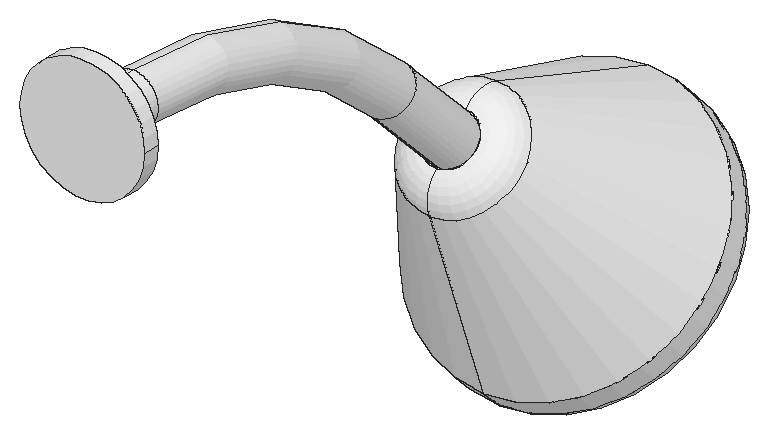
Revit family "ducha fmly", category Plumbing Fixtures, Revit 2016
Family settings
  Part Type = Normal
  Round Connector Dimension = Use Diameter
  Work Plane-Based = No
  Always vertical = Yes
  Cut with Voids When Loaded = No
  Shared = Yes
  Room Calculation Point = No
Parameters (values of type "mezclador monocontrol ducha")
  Mounting Height = 1600 mm
  Material Shower Head = Metal - Chrome Polished
  Keynote = " 11.1.30 "
  Description = ""
Reference planes
  plane 1 "Center (Front/Back)": y = 0
  plane 2: z = 0
  plane 3 "Center (Left/Right)": x = 0
  plane 4: z = 1600
Forms (mm)
  Sweep 1, solid, material "Metal - Chrome Polished" <- "Material Shower Head"
    path origin (0, 0, 0) x (0, 1, 0) y (0, 0, 1)
      loop
        line (6.482, 1600) -> (25.442, 1600)
        arc (25.442, 1600) -> (94.325, 1586.298) -> (152.721, 1547.279) r 180
        line (152.721, 1547.279) -> (184.541, 1515.459)
    profile origin (0, 15.962, 1600) x (0, 0, 1) y (1, 0, 0)
      loop
        circle (0, 0) r 10
  Revolve 2, solid, material "Metal - Chrome Polished" <- "Material Shower Head"
    sketch origin (0, 0, 0) x (0, 1, 0) y (0, 0, 1)
      loop
        line (184.541, 1515.459) -> (177.156, 1508.074)
        arc (177.156, 1508.074) -> (173.118, 1500.714) -> (173.667, 1492.338) r 15
        line (173.667, 1492.338) -> (201.18, 1416.745) -> (208.251, 1409.674)
        arc (208.251, 1409.674) -> (211.787, 1408.209) -> (215.322, 1409.674) r 5
        line (215.322, 1409.674) -> (217.026, 1411.377) -> (215.611, 1412.791) -> (251.41, 1448.59) -> (184.541, 1515.459)
      axis (184.541, 1515.459) -> (252.824, 1447.176)
    angle from 0 to 360
  Extrusion 3, solid, material "Metal - Chrome Polished" <- "Material Shower Head"
    sketch origin (0, 0, 0) x (1, 0, 0) y (0, 0, 1)
      loop
        circle (0, 1600) r 25
    from 0 to -6.482
Lines and regions (mm)
  Masking region 1
    outline origin (-881.262, 902.719, 0) x (1, 0, 0) y (0, 1, 0)
      loop
        line (891.262, -896.237) -> (891.262, -726.237) -> (924.769, -668.201)
        spline (924.769, -668.201) -> (928.623, -662.544) -> (931.02, -656.498) -> (931.886, -650.248) -> (931.195, -643.988) -> (928.967, -637.91) -> (925.272, -632.2) -> (920.222, -627.035) -> (913.974, -622.573) -> (906.719, -618.951) -> (898.681, -616.282) -> (890.108, -614.647) -> (881.262, -614.096)
        spline (881.262, -614.096) -> (872.416, -614.647) -> (863.842, -616.282) -> (855.804, -618.951) -> (848.549, -622.573) -> (842.301, -627.035) -> (837.252, -632.2) -> (833.556, -637.91) -> (831.328, -643.988) -> (830.637, -650.248) -> (831.503, -656.498) -> (833.9, -662.544) -> (837.754, -668.201)
        line (837.754, -668.201) -> (871.262, -726.237) -> (871.262, -896.237) -> (856.262, -896.237) -> (856.262, -902.719) -> (906.262, -902.719) -> (906.262, -896.237) -> (891.262, -896.237)
  symbolic lines
    curve 1: spline (0, 288.623, 0) -> (-8.846, 288.072, 0) -> (-17.42, 286.437, 0) -> (-25.458, 283.768, 0) -> (-32.712, 280.146, 0) -> (-38.96, 275.684, 0) -> (-44.01, 270.519, 0) -> (-47.705, 264.809, 0) -> (-49.933, 258.731, 0) -> (-50.625, 252.471, 0) -> (-49.758, 246.221, 0) -> (-47.361, 240.175, 0) -> (-43.507, 234.518, 0)
    curve 2: spline (43.507, 234.518, 0) -> (47.361, 240.175, 0) -> (49.758, 246.221, 0) -> (50.625, 252.471, 0) -> (49.933, 258.731, 0) -> (47.705, 264.809, 0) -> (44.01, 270.519, 0) -> (38.96, 275.684, 0) -> (32.712, 280.146, 0) -> (25.458, 283.768, 0) -> (17.42, 286.437, 0) -> (8.846, 288.072, 0) -> (0, 288.623, 0)
    curve 3: line (25, 6.482, 0) -> (-25, 6.482, 0)
    curve 4: line (-25, 6.482, 0) -> (-25, 0, 0)
    curve 5: line (-25, 0, 0) -> (25, 0, 0)
    curve 6: line (25, 0, 0) -> (25, 6.482, 0)
    curve 7: line (-10, 6.482, 0) -> (-10, 176.482, 0)
    curve 8: line (10, 6.482, 0) -> (10, 176.482, 0)
    curve 9: line (-10, 176.482, 0) -> (10, 176.482, 0)
    curve 10: line (10, 176.482, 0) -> (43.507, 234.518, 0)
    curve 11: line (-10, 176.482, 0) -> (-43.507, 234.518, 0)
Dimensions and locks
  "Mounting Height": level to plane 4
  aligned and locked: curve 4 to Extrusion 3
  aligned and locked: curve 6 to Extrusion 3
  aligned and locked: Masking region 1 sketch curve to curve 8
  aligned and locked: Masking region 1 sketch curve to curve 10
  aligned and locked: Masking region 1 sketch curve to curve 11
  aligned and locked: Masking region 1 sketch curve to curve 7
  aligned and locked: Masking region 1 sketch curve to curve 3
  aligned and locked: Masking region 1 sketch curve to Extrusion 3
  aligned and locked: Masking region 1 sketch curve to curve 6
  aligned and locked: Masking region 1 sketch curve to curve 4
Automatic sketch dimensions
  plane 4 to Revolve 2 sketch curve = 107.662 mm
  Revolve 2 sketch curve to plane 1 "Center (Front/Back)" = 173.667 mm
  plane 4 to Revolve 2 sketch curve = 91.926 mm
  Revolve 2 sketch curve to Revolve 2 sketch curve = 3.489 mm
  plane 4 to Revolve 2 sketch curve = 84.541 mm  (x2)
  Revolve 2 sketch curve to Revolve 2 sketch curve = 7.385 mm
  Revolve 2 sketch curve to Revolve 2 sketch curve = 0 mm
  Revolve 2 sketch curve to Revolve 2 sketch curve = 10.607 mm
  Revolve 2 sketch curve to Revolve 2 sketch curve = 27.513 mm
  Revolve 2 sketch curve to Revolve 2 sketch curve = 7.071 mm  (x2)
  Revolve 2 sketch curve to Revolve 2 sketch curve = 3.536 mm  (x2)
  Revolve 2 sketch curve to Revolve 2 sketch curve = 0.289 mm
  Revolve 2 sketch curve to Revolve 2 sketch curve = 1.414 mm
  Revolve 2 sketch curve to Revolve 2 sketch curve = 35.799 mm
  Revolve 2 sketch curve to Revolve 2 sketch curve = 49.803 mm  (x2)
  Revolve 2 sketch curve to Revolve 2 sketch curve = 0.418 mm
  Sweep 1 sketch curve to plane 4 = 0 mm
  Sweep 1 sketch curve to plane 1 "Center (Front/Back)" = 6.482 mm
  Sweep 1 sketch curve to Sweep 1 sketch curve = 18.959 mm
  plane 4 to Sweep 1 sketch curve = 52.721 mm
  Sweep 1 sketch curve to Sweep 1 sketch curve = 127.279 mm
  plane 4 to Sweep 1 sketch curve = 84.541 mm
  Sweep 1 sketch curve to Sweep 1 sketch curve = 31.82 mm
  Sweep 1 sketch curve to plane 3 "Center (Left/Right)" = 0 mm
  Sweep 1 sketch curve to profile plane = 0 mm
  Extrusion 3 sketch curve to plane 3 "Center (Left/Right)" = 0 mm
  Extrusion 3 sketch curve to plane 4 = 0 mm
  curve 4 to plane 1 "Center (Front/Back)" = 0 mm
  curve 1 to plane 3 "Center (Left/Right)" = 0 mm
  curve 9 to plane 3 "Center (Left/Right)" = 10 mm
  curve 5 to curve 7 = 15 mm
  curve 1 to plane 3 "Center (Left/Right)" = 43.507 mm
  plane 3 "Center (Left/Right)" to curve 8 = 10 mm
  curve 3 to plane 1 "Center (Front/Back)" = 6.482 mm
  curve 8 to curve 3 = 15 mm
  plane 3 "Center (Left/Right)" to curve 10 = 43.507 mm
  curve 2 to curve 2 = 7.12 mm
  curve 1 to curve 2 = 0 mm
  curve 7 to curve 9 = 170 mm
  curve 7 to curve 1 = 58.036 mm
  curve 8 to curve 2 = 58.036 mm
  curve 2 to curve 2 = 18.306 mm
  plane 3 "Center (Left/Right)" to Masking region 1 sketch curve = 43.507 mm
  Masking region 1 sketch curve to plane 3 "Center (Left/Right)" = 0 mm
  Masking region 1 sketch curve to Masking region 1 sketch curve = 7.12 mm
  Masking region 1 sketch curve to Masking region 1 sketch curve = 18.306 mm  (x2)
  Masking region 1 sketch curve to Masking region 1 sketch curve = 0 mm
  Masking region 1 sketch curve to plane 1 "Center (Front/Back)" = 6.482 mm
  radius of Sweep 1 sketch curve = 10 mm
  radius of Extrusion 3 sketch curve = 25 mm
